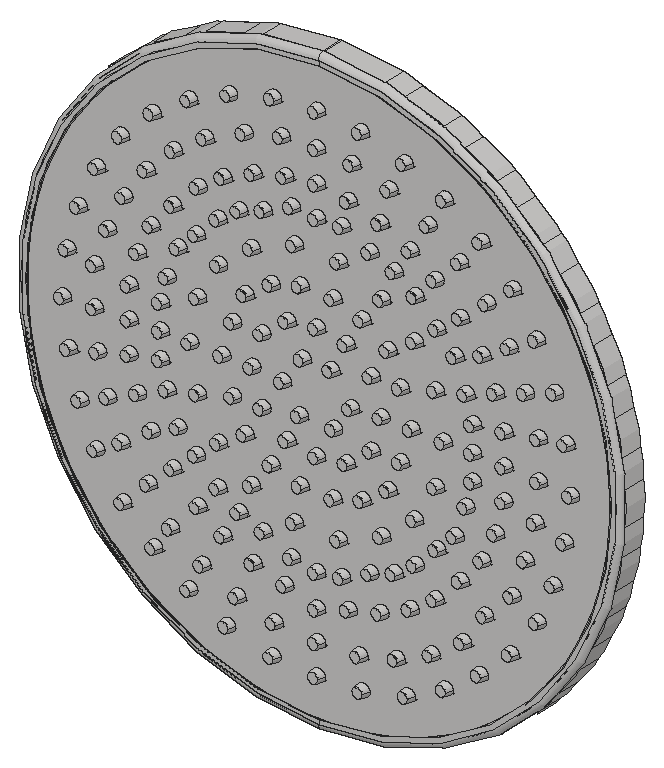
Revit family "51258-bim", category Plumbing Fixtures, host Face, Revit 2014 (continued)
Automatic sketch dimensions
  radius of Blend 86 sketch curve = 0.14299"
  radius of Blend 86 sketch curve = 0.09774"
  radius of Blend 87 sketch curve = 0.14299"
  radius of Blend 87 sketch curve = 0.09774"
  radius of Blend 88 sketch curve = 0.14299"
  radius of Blend 88 sketch curve = 0.09774"
  radius of Blend 89 sketch curve = 0.14299"
  radius of Blend 89 sketch curve = 0.09774"
  radius of Blend 90 sketch curve = 0.14299"
  radius of Blend 90 sketch curve = 0.09774"
  radius of Blend 91 sketch curve = 0.14299"
  radius of Blend 91 sketch curve = 0.09774"
  radius of Blend 92 sketch curve = 0.14299"
  radius of Blend 92 sketch curve = 0.09774"
  radius of Blend 93 sketch curve = 0.14299"
  radius of Blend 93 sketch curve = 0.09774"
  radius of Blend 94 sketch curve = 0.14299"
  radius of Blend 94 sketch curve = 0.09774"
  radius of Blend 95 sketch curve = 0.14299"
  radius of Blend 95 sketch curve = 0.09774"
  radius of Blend 96 sketch curve = 0.14299"
  radius of Blend 96 sketch curve = 0.09774"
  radius of Blend 97 sketch curve = 0.14299"
  radius of Blend 97 sketch curve = 0.09774"
  radius of Blend 98 sketch curve = 0.14299"
  radius of Blend 98 sketch curve = 0.09774"
  radius of Blend 99 sketch curve = 0.14299"
  radius of Blend 99 sketch curve = 0.09774"
  radius of Blend 100 sketch curve = 0.14299"
  radius of Blend 100 sketch curve = 0.09774"
  radius of Blend 101 sketch curve = 0.14299"
  radius of Blend 101 sketch curve = 0.09774"
  radius of Blend 102 sketch curve = 0.14299"
  radius of Blend 102 sketch curve = 0.09774"
  radius of Blend 103 sketch curve = 0.14299"
  radius of Blend 103 sketch curve = 0.09774"
  radius of Blend 104 sketch curve = 0.14299"
  radius of Blend 104 sketch curve = 0.09774"
  radius of Blend 105 sketch curve = 0.14299"
  radius of Blend 105 sketch curve = 0.09774"
  radius of Blend 106 sketch curve = 0.14299"
  radius of Blend 106 sketch curve = 0.09774"
  radius of Blend 107 sketch curve = 0.14299"
  radius of Blend 107 sketch curve = 0.09774"
  radius of Blend 108 sketch curve = 0.14299"
  radius of Blend 108 sketch curve = 0.09774"
  radius of Blend 109 sketch curve = 0.14299"
  radius of Blend 109 sketch curve = 0.09774"
  radius of Blend 110 sketch curve = 0.14299"
  radius of Blend 110 sketch curve = 0.09774"
  radius of Blend 111 sketch curve = 0.14299"
  radius of Blend 111 sketch curve = 0.09774"
  radius of Blend 112 sketch curve = 0.14299"
  radius of Blend 112 sketch curve = 0.09774"
  radius of Blend 113 sketch curve = 0.14299"
  radius of Blend 113 sketch curve = 0.09774"
  radius of Blend 114 sketch curve = 0.14299"
  radius of Blend 114 sketch curve = 0.09774"
  radius of Blend 115 sketch curve = 0.14299"
  radius of Blend 115 sketch curve = 0.09774"
  radius of Blend 116 sketch curve = 0.14299"
  radius of Blend 116 sketch curve = 0.09774"
  radius of Blend 117 sketch curve = 0.14299"
  radius of Blend 117 sketch curve = 0.09774"
  radius of Blend 118 sketch curve = 0.14299"
  radius of Blend 118 sketch curve = 0.09774"
  radius of Blend 119 sketch curve = 0.14299"
  radius of Blend 119 sketch curve = 0.09774"
  radius of Blend 120 sketch curve = 0.14299"
  radius of Blend 120 sketch curve = 0.09774"
  radius of Blend 121 sketch curve = 0.14299"
  radius of Blend 121 sketch curve = 0.09774"
  radius of Blend 122 sketch curve = 0.14299"
  radius of Blend 122 sketch curve = 0.09774"
  radius of Blend 123 sketch curve = 0.14299"
  radius of Blend 123 sketch curve = 0.09774"
  radius of Blend 124 sketch curve = 0.14299"
  radius of Blend 124 sketch curve = 0.09774"
  radius of Blend 125 sketch curve = 0.14299"
  radius of Blend 125 sketch curve = 0.09774"
  radius of Blend 126 sketch curve = 0.14299"
  radius of Blend 126 sketch curve = 0.09774"
  radius of Blend 127 sketch curve = 0.14299"
  radius of Blend 127 sketch curve = 0.09774"
  radius of Blend 128 sketch curve = 0.14299"
  radius of Blend 128 sketch curve = 0.09774"
  radius of Blend 129 sketch curve = 0.14299"
  radius of Blend 129 sketch curve = 0.09774"
  radius of Blend 130 sketch curve = 0.14299"
  radius of Blend 130 sketch curve = 0.09774"
  radius of Blend 131 sketch curve = 0.14299"
  radius of Blend 131 sketch curve = 0.09774"
  radius of Blend 132 sketch curve = 0.14299"
  radius of Blend 132 sketch curve = 0.09774"
  radius of Blend 133 sketch curve = 0.14299"
  radius of Blend 133 sketch curve = 0.09774"
  radius of Blend 134 sketch curve = 0.14299"
  radius of Blend 134 sketch curve = 0.09774"
  radius of Blend 135 sketch curve = 0.14299"
  radius of Blend 135 sketch curve = 0.09774"
  radius of Blend 136 sketch curve = 0.14299"
  radius of Blend 136 sketch curve = 0.09774"
  radius of Blend 137 sketch curve = 0.14299"
  radius of Blend 137 sketch curve = 0.09774"
  radius of Blend 138 sketch curve = 0.14299"
  radius of Blend 138 sketch curve = 0.09774"
  radius of Blend 139 sketch curve = 0.14299"
  radius of Blend 139 sketch curve = 0.09774"
  radius of Blend 140 sketch curve = 0.14299"
  radius of Blend 140 sketch curve = 0.09774"
  radius of Blend 141 sketch curve = 0.14299"
  radius of Blend 141 sketch curve = 0.09774"
  radius of Blend 142 sketch curve = 0.14299"
  radius of Blend 142 sketch curve = 0.09774"
  radius of Blend 143 sketch curve = 0.14299"
  radius of Blend 143 sketch curve = 0.09774"
  radius of Blend 144 sketch curve = 0.14299"
  radius of Blend 144 sketch curve = 0.09774"
  radius of Blend 145 sketch curve = 0.14299"
  radius of Blend 145 sketch curve = 0.09774"
  radius of Blend 146 sketch curve = 0.14299"
  radius of Blend 146 sketch curve = 0.09774"
  radius of Blend 147 sketch curve = 0.14299"
  radius of Blend 147 sketch curve = 0.09774"
  radius of Blend 148 sketch curve = 0.14299"
  radius of Blend 148 sketch curve = 0.09774"
  radius of Blend 149 sketch curve = 0.14299"
  radius of Blend 149 sketch curve = 0.09774"
  radius of Blend 150 sketch curve = 0.14299"
  radius of Blend 150 sketch curve = 0.09774"
  radius of Blend 151 sketch curve = 0.14299"
  radius of Blend 151 sketch curve = 0.09774"
  radius of Blend 152 sketch curve = 0.14299"
  radius of Blend 152 sketch curve = 0.09774"
  radius of Blend 153 sketch curve = 0.14299"
  radius of Blend 153 sketch curve = 0.09774"
  radius of Blend 154 sketch curve = 0.14299"
  radius of Blend 154 sketch curve = 0.09774"
  radius of Blend 155 sketch curve = 0.14299"
  radius of Blend 155 sketch curve = 0.09774"
  radius of Blend 156 sketch curve = 0.14299"
  radius of Blend 156 sketch curve = 0.09774"
  radius of Blend 157 sketch curve = 0.14299"
  radius of Blend 157 sketch curve = 0.09774"
  radius of Blend 158 sketch curve = 0.14299"
  radius of Blend 158 sketch curve = 0.09774"
  radius of Blend 159 sketch curve = 0.14299"
  radius of Blend 159 sketch curve = 0.09774"
  radius of Blend 160 sketch curve = 0.14299"
  radius of Blend 160 sketch curve = 0.09774"
  radius of Blend 161 sketch curve = 0.14299"
  radius of Blend 161 sketch curve = 0.09774"
  radius of Blend 162 sketch curve = 0.14299"
  radius of Blend 162 sketch curve = 0.09774"
  radius of Blend 163 sketch curve = 0.14299"
  radius of Blend 163 sketch curve = 0.09774"
  radius of Blend 164 sketch curve = 0.14299"
  radius of Blend 164 sketch curve = 0.09774"
  radius of Blend 165 sketch curve = 0.14299"
  radius of Blend 165 sketch curve = 0.09774"
  radius of Blend 166 sketch curve = 0.14299"
  radius of Blend 166 sketch curve = 0.09774"
  radius of Blend 167 sketch curve = 0.14299"
  radius of Blend 167 sketch curve = 0.09774"
  radius of Blend 168 sketch curve = 0.14299"
  radius of Blend 168 sketch curve = 0.09774"
  radius of Blend 169 sketch curve = 0.14299"
  radius of Blend 169 sketch curve = 0.09774"
  radius of Blend 170 sketch curve = 0.14299"
  radius of Blend 170 sketch curve = 0.09774"
  radius of Blend 171 sketch curve = 0.14299"
  radius of Blend 171 sketch curve = 0.09774"
  radius of Blend 173 sketch curve = 0.14299"
  radius of Blend 173 sketch curve = 0.09774"
  radius of Blend 174 sketch curve = 0.14299"
  radius of Blend 174 sketch curve = 0.09774"
  radius of Blend 175 sketch curve = 0.14299"
  radius of Blend 175 sketch curve = 0.09774"
  radius of Blend 176 sketch curve = 0.14299"
  radius of Blend 176 sketch curve = 0.09774"
  radius of Blend 177 sketch curve = 0.14299"
  radius of Blend 177 sketch curve = 0.09774"
  radius of Blend 178 sketch curve = 0.14299"
  radius of Blend 178 sketch curve = 0.09774"
  radius of Blend 179 sketch curve = 0.14299"
  radius of Blend 179 sketch curve = 0.09774"
  radius of Blend 180 sketch curve = 0.14299"
  radius of Blend 180 sketch curve = 0.09774"
  radius of Blend 181 sketch curve = 0.14299"
  radius of Blend 181 sketch curve = 0.09774"
  radius of Blend 182 sketch curve = 0.14299"
  radius of Blend 182 sketch curve = 0.09774"
  radius of Blend 183 sketch curve = 0.14299"
  radius of Blend 183 sketch curve = 0.09774"
  radius of Blend 184 sketch curve = 0.14299"
  radius of Blend 184 sketch curve = 0.09774"
  radius of Blend 185 sketch curve = 0.14299"
  radius of Blend 185 sketch curve = 0.09774"
  radius of Blend 186 sketch curve = 0.14299"
  radius of Blend 186 sketch curve = 0.09774"
  radius of Blend 187 sketch curve = 0.14299"
  radius of Blend 187 sketch curve = 0.09774"
  radius of Blend 188 sketch curve = 0.14299"
  radius of Blend 188 sketch curve = 0.09774"
  radius of Blend 189 sketch curve = 0.14299"
  radius of Blend 189 sketch curve = 0.09774"
  radius of Blend 190 sketch curve = 0.14299"
  radius of Blend 190 sketch curve = 0.09774"
  radius of Blend 191 sketch curve = 0.14299"
  radius of Blend 191 sketch curve = 0.09774"
  radius of Blend 192 sketch curve = 0.14299"
  radius of Blend 192 sketch curve = 0.09774"
  radius of Blend 193 sketch curve = 0.14299"
  radius of Blend 193 sketch curve = 0.09774"
  radius of Blend 194 sketch curve = 0.14299"
  radius of Blend 194 sketch curve = 0.09774"
  radius of Blend 195 sketch curve = 0.14299"
  radius of Blend 195 sketch curve = 0.09774"
  radius of Blend 196 sketch curve = 0.14299"
  radius of Blend 196 sketch curve = 0.09774"
  radius of Blend 197 sketch curve = 0.14299"
  radius of Blend 197 sketch curve = 0.09774"
  radius of Blend 198 sketch curve = 0.14299"
  radius of Blend 198 sketch curve = 0.09774"
  radius of Blend 199 sketch curve = 0.14299"
  radius of Blend 199 sketch curve = 0.09774"
  radius of Blend 200 sketch curve = 0.14299"
  radius of Blend 200 sketch curve = 0.09774"
  radius of Blend 201 sketch curve = 0.14299"
  radius of Blend 201 sketch curve = 0.09774"
